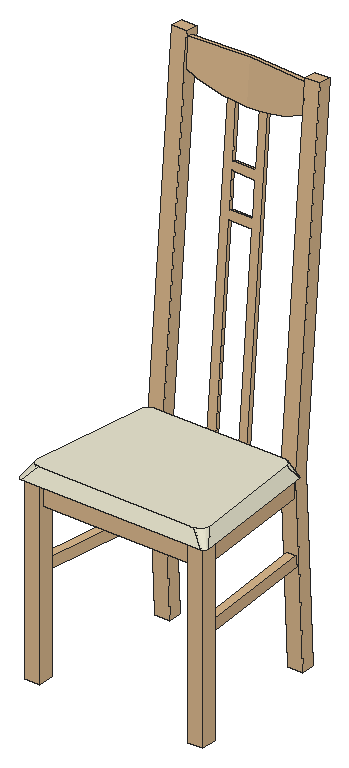
Revit family "f399c7113bd64a8497c909cc4ee59363", category Furniture, Revit 2025
Family settings
  Work Plane-Based = No
  Enable Cutting in Views = No
  Always vertical = Yes
  Cut with Voids When Loaded = No
  Render Appearance Source = Family Geometry
  Shared = Yes
  Room Calculation Point = No
Parameters (values of type "385x320x425mm")
  Material Structure = Wood - Birch
  Material Chair Covering = Fabric - Beige
  Keynote = "N"
  Default Elevation = 0 mm
Reference planes
  plane 1 "Center (Front/Back)": y = 0
  plane 2: z = 0
  plane 3 "Center (Left/Right)": x = 0
  plane 4: x = -192.5
  plane 5: x = 192.5
  plane 6: y = 117
  plane 7: y = -200
  plane 8 "Seat": z = 425
  plane 9: z = 1225
  plane 10: z = 250
  plane 11: x = -157.5
  plane 12: x = 157.5
  plane 13: through (-192.5, -182.5, 1200) normal (-0.9935, 0.1142, 0)
  plane 14: through (-192.5, -182.5, 1200) normal (-0.9935, 0.1142, 0)
  plane 15: z = 1122.124
  plane 16: z = 1215
Forms (mm)
  Extrusion 1, solid, material "Wood - Birch"
    sketch origin (0, 0, 0) x (1, 0, 0) y (0, 1, 0)
      loop
        line (-210, -217.5) -> (-175, -217.5) -> (-175, -182.5) -> (-210, -182.5) -> (-210, -217.5)
      loop
        line (210, -217.5) -> (210, -182.5) -> (175, -182.5) -> (175, -217.5) -> (210, -217.5)
    from 0 to 425
  Sweep 2, solid, material "Wood - Birch"
    path origin (-157.5, 175.942, 1200) x (0, 1, 0) y (0, 0, 1)
      loop
        line (-38.942, -1200) -> (-58.942, -775) -> (11.048, 25)
    profile origin (-157.5, 117, 425) x (0, -0.998895, -0.047007) y (1, 0, 0)
      loop
        line (15, -17.5) -> (15, 17.5) -> (-15, 17.5) -> (-15, -17.5) -> (15, -17.5)
  Sweep 3, solid, material "Wood - Birch"
    path origin (157.5, 175.942, 1200) x (0, 1, 0) y (0, 0, -1)
      loop
        line (-38.942, 1200) -> (-58.942, 775) -> (11.048, -25)
    profile origin (157.5, 117, 425) x (0, 0.998895, 0.047007) y (-1, 0, 0)
      loop
        line (-15, -17.5) -> (15, -17.5) -> (15, 17.5) -> (-15, 17.5) -> (-15, -17.5)
  Extrusion 4, solid, material "Wood - Birch"
    sketch origin (0, 0, 0) x (1, 0, 0) y (0, 1, 0)
      loop
        line (-182.434, -182.5) -> (-147.434, 122.017) -> (-167.566, 122.017) -> (-202.566, -182.5) -> (-182.434, -182.5)
    from 225.45 to 250.45
  Extrusion 5, solid, material "Wood - Birch" <- "Material Structure"
    sketch origin (0, 0, 0) x (1, 0, 0) y (0, 1, 0)
      loop
        line (-169.87, 101.969) -> (-202.566, -182.5) -> (-187.467, -182.5) -> (-154.771, 101.969) -> (-169.87, 101.969)
      loop
        line (-175, -210) -> (175, -210) -> (175, -195) -> (-175, -195) -> (-175, -210)
      loop
        line (-140, 96.447) -> (140, 96.447) -> (140, 126.447) -> (-140, 126.447) -> (-140, 96.447)
      loop
        line (169.87, 101.969) -> (154.771, 101.969) -> (187.467, -182.5) -> (202.566, -182.5) -> (169.87, 101.969)
    from 375 to 425
  Extrusion 6, solid, material "Wood - Birch"
    sketch origin (0, 0, 0) x (0, 1, 0) y (1, 0, 0)
      loop
        line (-182.5, 182.434) -> (122.017, 147.434) -> (122.017, 167.566) -> (-182.5, 202.566) -> (-182.5, 182.434)
    from 225.45 to 250.45
  Blend 7, solid, material "Fabric - Beige" <- "Material Chair Covering"
    base sketch origin (-550.149, 0, 425) x (-1, 0, 0) y (0, -1, 0)
      loop
        arc (-761.483, 225) -> (-768.947, 221.655) -> (-771.417, 213.858) r 10
        line (-771.417, 213.858) -> (-735.117, -101.969) -> (-365.18, -101.969) -> (-328.88, 213.858)
        arc (-328.88, 213.858) -> (-331.35, 221.655) -> (-338.814, 225) r 10
        line (-338.814, 225) -> (-761.483, 225)
    top sketch origin (-550.149, 0, 425) x (-1, 0, 0) y (0, -1, 0)
      loop
        line (-377.608, -78.731) -> (-346.983, 187.716)
        arc (-346.983, 187.716) -> (-351.925, 203.31) -> (-366.852, 210) r 20
        line (-366.852, 210) -> (-733.445, 210)
        arc (-733.445, 210) -> (-748.372, 203.31) -> (-753.314, 187.716) r 20
        line (-753.314, 187.716) -> (-722.689, -78.731)
        arc (-722.689, -78.731) -> (-716.131, -91.375) -> (-702.82, -96.447) r 20
        line (-702.82, -96.447) -> (-397.477, -96.447)
        arc (-397.477, -96.447) -> (-384.167, -91.375) -> (-377.608, -78.731) r 20
    from 0 to 30
  Extrusion 8, solid, material "Wood - Birch" <- "Material Structure"
    sketch origin (175, 101.969, 425.302) x (0, 0.087156, 0.996195) y (-1, 0, 0)
      loop
        line (0.525, 222.5) -> (0.525, 202.5) -> (450.847, 202.5) -> (450.847, 147.5) -> (0.525, 147.5) -> (0.525, 127.5) -> (700.525, 127.5) -> (700.525, 147.5) -> (571.607, 147.5) -> (571.607, 202.5) -> (700.525, 202.5) -> (700.525, 222.5) -> (0.525, 222.5)
      loop
        line (551.607, 147.5) -> (551.607, 202.5) -> (470.847, 202.5) -> (470.847, 147.5) -> (551.607, 147.5)
    from -22.806 to -15.806
  Extrusion 9, solid, material "Wood - Birch"
    sketch origin (40.405, 164.383, 1123.043) x (-1, 0, 0) y (0, -0.996195, 0.087156)
      loop
        arc (180.405, -2.324) -> (40.364, -11.728) -> (-99.595, -1.173) r 987
        line (-99.595, -1.173) -> (-99.595, -13.017)
        arc (-99.595, -13.017) -> (40.405, -22.865) -> (180.405, -13.017) r 1000
        line (180.405, -13.017) -> (180.405, -2.324)
    from -16.887 to 93.085
  Extrusion 10, void
    sketch origin (175, 101.969, 425.302) x (0, -0.087156, -0.996195) y (-1, 0, 0)
      loop
        line (-727.067, 35) -> (-667.067, 35) -> (-667.067, 315) -> (-727.067, 315)
        arc (-727.067, 315) -> (-692.649, 175) -> (-727.067, 35) r 301.947
    from 0 to 26.579
Cuts and joins
  Extrusion 10 cuts Extrusion 1
  Extrusion 10 cuts Sweep 2
  Extrusion 10 cuts Sweep 3
  Extrusion 10 cuts Extrusion 4
  Extrusion 10 cuts Extrusion 6
  joined: Extrusion 1, Sweep 2, Sweep 3, Extrusion 4, Extrusion 6
  Extrusion 10 cuts Extrusion 5
  joined: Extrusion 5, Extrusion 8
  Extrusion 10 cuts Blend 7
  Extrusion 10 cuts Extrusion 9
Lines and regions (mm)
  Masking region 1
    outline origin (-550.149, 0, 425) x (-1, 0, 0) y (0, -1, 0)
      loop
        arc (-328.88, 213.858) -> (-331.35, 221.655) -> (-338.814, 225) r 10
        line (-338.814, 225) -> (-761.483, 225)
        arc (-761.483, 225) -> (-768.947, 221.655) -> (-771.417, 213.858) r 10
        line (-771.417, 213.858) -> (-735.117, -101.969) -> (-365.18, -101.969) -> (-328.88, 213.858)
  Masking region 2
    outline origin (-550.149, 0, 425) x (-1, 0, 0) y (0, -1, 0)
      loop
        line (-410.149, -101.969) -> (-410.149, -126.447) -> (-690.149, -126.447) -> (-690.149, -101.969) -> (-725.149, -101.969) -> (-725.149, -201.934) -> (-690.149, -201.934) -> (-690.149, -185.463)
        spline (-690.149, -185.463) -> (-666.933, -188.458) -> (-643.653, -190.91) -> (-620.322, -192.819) -> (-596.952, -194.183) -> (-573.557, -195.001) -> (-550.149, -195.274) -> (-526.74, -195.001) -> (-503.345, -194.183) -> (-479.976, -192.819) -> (-456.644, -190.91) -> (-433.364, -188.458) -> (-410.149, -185.463)
        line (-410.149, -185.463) -> (-410.149, -201.934) -> (-375.149, -201.934) -> (-375.149, -101.969) -> (-410.149, -101.969)
  symbolic lines
    curve 1: line (-140, 126.447, 0) -> (-140, 185.463, 0)
    curve 2: line (140, 126.447, 0) -> (140, 185.463, 0)
  symbolic lines, not visible
    curve 3: line (-184.969, 101.969, 0) -> (-221.269, -213.858, 0)
    curve 4: arc (-221.269, -213.858, 0) -> (-218.798, -221.655, 0) -> (-211.334, -225, 0) r 10
    curve 5: line (-211.334, -225, 0) -> (211.334, -225, 0)
    curve 6: arc (211.334, -225, 0) -> (218.798, -221.655, 0) -> (221.269, -213.858, 0) r 10
    curve 7: line (221.269, -213.858, 0) -> (184.969, 101.969, 0)
    curve 8: line (184.969, 101.969, 0) -> (-184.969, 101.969, 0)
    curve 9: arc (-152.672, 96.447, 0) -> (-165.982, 91.375, 0) -> (-172.541, 78.731, 0) r 20
    curve 10: line (-172.541, 78.731, 0) -> (-203.165, -187.716, 0)
    curve 11: arc (-203.165, -187.716, 0) -> (-198.224, -203.31, 0) -> (-183.296, -210, 0) r 20
    curve 12: line (-183.296, -210, 0) -> (183.296, -210, 0)
    curve 13: arc (183.296, -210, 0) -> (198.224, -203.31, 0) -> (203.165, -187.716, 0) r 20
    curve 14: line (203.165, -187.716, 0) -> (172.541, 78.731, 0)
    curve 15: arc (172.541, 78.731, 0) -> (165.982, 91.375, 0) -> (152.672, 96.447, 0) r 20
    curve 16: line (152.672, 96.447, 0) -> (-152.672, 96.447, 0)
    curve 17: line (-175, 201.934, 0) -> (-175, 101.969, 0)
    curve 18: line (-140, 101.969, 0) -> (-140, 201.934, 0)
    curve 19: line (-175, 172.048, 0) -> (-140, 172.048, 0)
    curve 20: line (-140, 201.934, 0) -> (-175, 201.934, 0)
    curve 21: line (175, 201.934, 0) -> (140, 201.934, 0)
    curve 22: line (140, 201.934, 0) -> (140, 101.969, 0)
    curve 23: line (175, 101.969, 0) -> (175, 201.934, 0)
    curve 24: line (140, 172.048, 0) -> (175, 172.048, 0)
    curve 25: line (140, 126.447, 0) -> (-140, 126.447, 0)
    curve 26: spline (-140, 174.811, 0) -> (-116.775, 177.75, 0) -> (-93.486, 180.14, 0) -> (-70.147, 181.978, 0) -> (-46.771, 183.265, 0) -> (-23.37, 183.999, 0) -> (0.041, 184.18, 0) -> (23.45, 183.807, 0) -> (46.843, 182.882, 0) -> (70.208, 181.404, 0) -> (93.532, 179.374, 0) -> (116.8, 176.794, 0) -> (140, 173.665, 0)
    curve 27: arc (140, 185.463, 0) -> (0, 195.274, 0) -> (-140, 185.463, 0) r 1003.778
Dimensions and locks
  aligned and locked: plane 8 "Seat" to Extrusion 1
  aligned and locked: Extrusion 1 to Extrusion 4 sketch curve
  aligned and locked: plane 8 "Seat" to Extrusion 5
  aligned and locked: cut or joined group of Extrusion 1, Sweep 2, Sweep 3, Extrusion 4, Extrusion 6, Extrusion 10 to Extrusion 9 sketch curve  (x2)
  aligned and locked: Masking region 1 to Masking region 2 sketch curve
  aligned and locked: Masking region 2 sketch curve to cut or joined group of Extrusion 5, Extrusion 8, Extrusion 10
  aligned and locked: curve 3 to Masking region 1
  aligned and locked: curve 4 to Masking region 1
  aligned and locked: curve 5 to Masking region 1
  aligned and locked: curve 6 to Masking region 1
  aligned and locked: curve 7 to Masking region 1
  aligned and locked: curve 8 to Masking region 1
  aligned and locked: curve 9 to cut or joined group of Blend 7, Extrusion 10
  aligned and locked: curve 10 to cut or joined group of Blend 7, Extrusion 10
  aligned and locked: curve 11 to cut or joined group of Blend 7, Extrusion 10
  aligned and locked: curve 12 to cut or joined group of Blend 7, Extrusion 10
  aligned and locked: curve 13 to cut or joined group of Blend 7, Extrusion 10
  aligned and locked: curve 14 to cut or joined group of Blend 7, Extrusion 10
  aligned and locked: curve 15 to cut or joined group of Blend 7, Extrusion 10
  aligned and locked: curve 16 to cut or joined group of Blend 7, Extrusion 10
  aligned and locked: curve 17 to Masking region 2
  aligned and locked: curve 18 to cut or joined group of Extrusion 1, Sweep 2, Sweep 3, Extrusion 4, Extrusion 6, Extrusion 10
  aligned and locked: curve 19 to cut or joined group of Extrusion 1, Sweep 2, Sweep 3, Extrusion 4, Extrusion 6, Extrusion 10
  aligned and locked: curve 20 to Masking region 2
  aligned and locked: curve 21 to Masking region 2
  aligned and locked: curve 22 to cut or joined group of Extrusion 1, Sweep 2, Sweep 3, Extrusion 4, Extrusion 6, Extrusion 10
  aligned and locked: curve 23 to Masking region 2
  aligned and locked: curve 24 to cut or joined group of Extrusion 1, Sweep 2, Sweep 3, Extrusion 4, Extrusion 6, Extrusion 10
  aligned and locked: curve 25 to cut or joined group of Extrusion 5, Extrusion 8, Extrusion 10
  aligned and locked: curve 27 to Masking region 2
